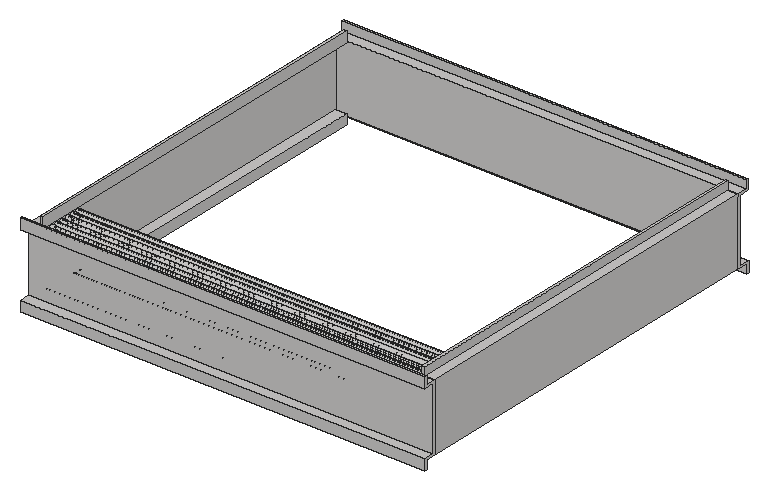
Revit family "Damper_Volume_Control-Carnes-Galvanized-Airfoil_Blade-FADA", category Duct Accessories, host Face, Revit 2012
Parameters (values of type "FADA")
  ecoScorecard_data = ""
  ecoScorecard Product Page = "http://ecoscorecard.com/"
  Width = 24"
  Warranty URL = "http://www.carnes.com/GeneralCatalogs/termcond.pdf"
  URL = "http://www.carnes.com/index.html"
  Subcategory = "Louvers and Dampers"  # constant formula
  Spec Sheet URL = "http://www.carnes.com/Louvers/pdf/17157.pdf"
  Product Page URL = "http://www.carnes.com/Louvers/FD.htm"
  Product Line = "Galvanized Airfoil Blade Control Damper with Optional Insulated Blade"  # constant formula
  Offset = 1"
  Model = "FADA"  # constant formula
  Minimum Size = "8\"W x 6\"H"
  Maximum Vertical Size = "48\"W x 60\"H (Single Section), Multi-section unlimited"
  Maximum System Velocity = 2000 FPM  # constant formula
  Maximum Size Note = ""
  Maximum Horinzontal Size = "48\"W x 60\"H (Single Section, Multi-section unlimited"
  Manufacturer Phone = "608-845-6411"  # constant formula
  Manufacturer Fax = "608-845-6470"  # constant formula
  Manufacturer Email = "mailto:carnes@carnes.com"
  Manufacturer Address = "448 S. Main St., P. O. Box 930040, Verona, WI 53593-0040"  # constant formula
  Manufacturer = "CARNES COMPANY"  # constant formula
  Installation and Maintenance URL = "http://www.carnes.com/FireDampers/pdf/40001.pdf"
  Height = 24"
  Free Area Note = "See Spec Sheet URL"  # constant formula
  Frame Material = Metal - Carnes - Steel - Galvanized
  Fire Closure Device = ""
  Duct Connector 2 = "Duct Connection 2"  # constant formula
  Duct Connector 1 = "Duct Connection 1"  # constant formula
  Description = "Galvanized Airfoil Blade Control Damper with Optional Insulated Blade"  # constant formula
  Depth = 5"
  Default Elevation = 0"
  Cost Info = "mailto:carnes@carnes.com"
  Catalog URL = "http://www.carnes.com/Louvers/pdf/f85-97.pdf"
  Blades Length = Actual Width - 1 1/2"  # 22 1/2"
  Blade Material = Metal - Carnes - Steel - Galvanized
  Assembly Code = "B2010300"
  Actual Width = if(Width < 6", 6", if(Width > 72", 72", Width))  # 24"
  Actual Height = if(Height < 6", 6", if(Height > 72", 72", Height))  # 24"
  95 CSI = "10200"  # constant formula
  04 CSI = "08 91 00"  # constant formula
Reference planes (in)
  plane 1 "Center (Front/Back)": y = 0
  plane 2: z = 0
  plane 3 "Center (Left/Right)": x = 0
  plane 4: x = -12
  plane 5: x = 12
  plane 6: y = 12
  plane 7: y = -12
  plane 8: y = -10.9375
  plane 9: x = -11.20993
  plane 10: x = 11.20993
  plane 11: z = -1.5
  plane 12: y = -11.47734
  plane 13: x = 10.20993
  plane 14: z = -3.375
  plane 15: z = -1
  plane 16: y = -9.48917
  plane 17: z = 0.09375
  plane 18: z = 3.5
  plane 19: z = -2.09375
  plane 20: z = -5.5
Forms (in)
  Extrusion 1, void
    sketch origin (0, 0, 0) x (1, 0, 0) y (0, 1, 0)
      loop
        line (12, -12) -> (12, 12) -> (-12, 12) -> (-12, -12) -> (12, -12)
    from 0 to -32.56442
  Sweep 2, solid, material "Metal - Carnes - Steel - Galvanized" <- "Frame Material", detail levels medium+fine
    path origin (0, -21.84066, -1) x (-1, 0, 0) y (0, -1, 0)
      loop
        line (-12, -33.09066) -> (-12, -10.59066)
    profile "Profile : Profile" origin (12, 0, -1) x (1, 0, 0) y (0, 0, 1)
      loop
        line (-0.625, 2.5) -> (-0.75, 2.5) -> (-0.75, 1.875) -> (-0.125, 1.875) -> (-0.125, -1.875) -> (-0.75, -1.875) -> (-0.75, -2.5) -> (-0.625, -2.5) -> (-0.625, -2) -> (0, -2) -> (0, 2) -> (-0.625, 2) -> (-0.625, 2.5)
  Sweep 3, solid, material "Metal - Carnes - Steel - Galvanized" <- "Frame Material", detail levels coarse
    path origin (0, -21.84066, -1) x (-1, 0, 0) y (0, -1, 0)
      loop
        line (0, -9.84066) -> (0, -33.84066)
    profile origin (0, 0, -1) x (-1, 0, 0) y (0, 0, 1)
      loop
        line (-12, 2.5) -> (-12, -2.5) -> (12, -2.5) -> (12, 2.5) -> (-12, 2.5)
  Sweep 4, solid, material "Metal - Carnes - Steel - Galvanized" <- "Frame Material", detail levels medium+fine
    path origin (0, -21.84066, -1) x (-1, 0, 0) y (0, -1, 0)
      loop
        line (12, -33.09066) -> (12, -10.59066)
    profile "Profile : Profile" origin (-12, 0, -1) x (1, 0, 0) y (0, 0, 1)
      loop
        line (0.625, 2.5) -> (0.625, 2) -> (0, 2) -> (0, -2) -> (0.625, -2) -> (0.625, -2.5) -> (0.75, -2.5) -> (0.75, -1.875) -> (0.125, -1.875) -> (0.125, 1.875) -> (0.75, 1.875) -> (0.75, 2.5) -> (0.625, 2.5)
  Sweep 5, solid, material "Metal - Carnes - Steel - Galvanized" <- "Frame Material", detail levels medium+fine
    path origin (0, -21.84066, -1) x (-1, 0, 0) y (0, -1, 0)
      loop
        line (12, -9.84066) -> (-12, -9.84066)
    profile "Profile : Profile" origin (0, -12, -1) x (0, 1, 0) y (0, 0, 1)
      loop
        line (0.125, 2.5) -> (0, 2.5) -> (0, 1.875) -> (0.625, 1.875) -> (0.625, -1.875) -> (0, -1.875) -> (0, -2.5) -> (0.125, -2.5) -> (0.125, -2) -> (0.75, -2) -> (0.75, 2) -> (0.125, 2) -> (0.125, 2.5)
  Sweep 6, solid, material "Metal - Carnes - Steel - Galvanized" <- "Frame Material", detail levels medium+fine
    path origin (0, 20.34066, -1) x (1, 0, 0) y (0, 1, 0)
      loop
        line (-12, -8.34066) -> (12, -8.34066)
    profile "Profile : Profile" origin (0, 12, -1) x (0, 1, 0) y (0, 0, 1)
      loop
        line (-0.125, 2.5) -> (-0.125, 2) -> (-0.75, 2) -> (-0.75, -2) -> (-0.125, -2) -> (-0.125, -2.5) -> (0, -2.5) -> (0, -1.875) -> (-0.625, -1.875) -> (-0.625, 1.875) -> (0, 1.875) -> (0, 2.5) -> (-0.125, 2.5)
Lines and regions (in)
  symbolic lines, style "Damper"
    curve 1: line (12, 12, -1) -> (12, -12, -1)
    curve 2: line (-12, 12, -1) -> (12, 12, -1)
    curve 3: line (-12, -12, -1) -> (-12, 12, -1)
    curve 4: line (12, -12, -1) -> (-12, -12, -1)
  symbolic lines, style "Damper", detail levels medium+fine
    curve 5: line (11.25, 11, -1) -> (-11.25, 11, -1)
    curve 6: line (-11.25, 11, -1) -> (-11.25, -11.25, -1)
    curve 7: line (-12, -11.25, -1) -> (12, -11.25, -1)
    curve 8: line (11.25, -11.25, -1) -> (11.25, 11, -1)
Dimensions and locks (in)
  equal spacing: plane 7, plane 1 "Center (Front/Back)", plane 6
  equal spacing: plane 4, plane 3 "Center (Left/Right)", plane 5
  "Actual Width": plane 4 to plane 5
  "Actual Height": plane 6 to plane 7
  locked: plane 7 to plane 8 at 1.0625
  locked: plane 4 to plane 9 at 0.79007
  locked: plane 10 to plane 5 at 0.79007
  locked: plane 12 to plane 7 at 0.52266
  locked: plane 13 to plane 10 at 1
  locked: plane 14 to plane 15 at 2.375
  locked: plane 16 to plane 8 at 1.44833
  "Offset": level to plane 15
  locked: plane 17 to plane 18 at 3.40625
  locked: plane 15 to plane 17 at 1.09375
  locked: plane 15 to plane 19 at 1.09375
  locked: plane 19 to plane 20 at 3.40625
  equal spacing: Sweep 3 sketch curve, plane 3 "Center (Left/Right)", Sweep 3 sketch curve
  "Actual Width": Sweep 3 sketch curve to Sweep 3 sketch curve
  aligned and locked: plane 2 to host face
  aligned and locked: level to host face
  aligned and locked: plane 5 to Extrusion 1 sketch curve
  aligned and locked: plane 7 to Extrusion 1 sketch curve
  aligned and locked: Extrusion 1 sketch curve to plane 4
  aligned and locked: Extrusion 1 sketch curve to plane 6
  aligned and locked: Extrusion 1 to level
  aligned: nested 1 to plane 15  (x3)
  aligned: plane 12 to nested 1
  aligned and locked: plane 6 to Sweep 3 sketch curve
  aligned and locked: plane 7 to Sweep 3 sketch curve
  aligned and locked: plane 3 "Center (Left/Right)" to Sweep 3 sketch curve
  aligned and locked: curve 1 to Sweep 2
  aligned: curve 8 to Sweep 2
  aligned: nested 1 to Sweep 2
  aligned and locked: plane 4 to Sweep 4 sketch curve
  aligned and locked: Sweep 5 sketch curve to plane 7
  aligned and locked: plane 4 to Sweep 5 sketch curve
  aligned and locked: plane 5 to Sweep 5 sketch curve
  aligned and locked: Sweep 5 to Sweep 4 sketch curve
  aligned and locked: nested 1 to Sweep 5
  aligned and locked: Sweep 2 sketch curve to Sweep 5
  aligned and locked: Sweep 6 sketch curve to plane 6
  aligned and locked: plane 5 to Sweep 6 sketch curve
  aligned and locked: plane 4 to Sweep 6 sketch curve
  aligned and locked: Sweep 6 to Sweep 2 sketch curve
  aligned and locked: Sweep 4 sketch curve to Sweep 6
  aligned and locked: curve 6 to Sweep 4
  aligned and locked: curve 7 to Sweep 5
  aligned and locked: curve 8 to Sweep 2
  aligned and locked: nested 1 to Sweep 4
  aligned and locked: Sweep 3 sketch curve to Sweep 5  (x2)
  aligned and locked: nested 1 to plane 15
  aligned and locked: nested 2 to plane 15
  aligned and locked: nested 2 to nested 1
  aligned and locked: nested 3 to nested 2
  aligned and locked: nested 3 to plane 15
  aligned and locked: nested 4 to nested 3
  aligned and locked: nested 4 to plane 15
  aligned and locked: nested 5 to nested 4
  aligned and locked: nested 5 to plane 15
  aligned and locked: nested 5 to nested 6
  aligned and locked: nested 6 to plane 15
  aligned and locked: nested 7 to nested 6
  aligned and locked: nested 7 to plane 15
Automatic sketch dimensions
  host sketch curve to host sketch curve = 96"  (x2)
  Sweep 2 sketch curve to plane 5 = 0"
  curve 3 to plane 4 = 0"
  curve 3 to plane 6 = 0"
  plane 7 to curve 1 = 0"
  curve 6 to plane 6 = 1"
Nested families (in)
  nested 1: "Blade" at (0, -11.25, -2.90552), type "Blades", detail levels fine
  nested 2: "Blade" at (0, -10.85234, -2.90552), type "Blades", detail levels fine
  nested 3: "Blade" at (0, -10.45467, -2.90552), type "Blades", detail levels fine
  nested 4: "Blade" at (0, -10.05701, -2.90552), type "Blades", detail levels fine
  nested 5: "Blade" at (0, -9.65935, -2.90552), type "Blades", detail levels fine
  nested 6: "Blade" at (0, -9.26169, -2.90552), type "Blades", detail levels fine
  nested 7: "Blade" at (0, -8.86402, -2.90552), type "Blades", detail levels fine
Connectors (in)
  hvac at (0, 0, 1.5), driven by "Actual Height", driven by "Actual Width", driven by "Duct Connector 1"
    settings: on Sweep 3, index 1, duct flow 0 CFM, flow factor 0, pres drop 0.00 in-wg, loss coef 0, conn angle 0.00°, conn width 24", conn height 24", conn radius 12", duct sys type 1, conn prof type 1, flow config 0, flow direction 0, loss method 0, conn ref index 2, conn util no, is conn primary yes, conn desc "Duct Connection 1"
  hvac at (0, 0, -3.5), driven by "Actual Height", driven by "Actual Width", driven by "Duct Connector 2"
    settings: on Sweep 3, index 2, duct flow 0 CFM, flow factor 0, pres drop 0.00 in-wg, loss coef 0, conn angle 0.00°, conn width 24", conn height 24", conn radius 12", duct sys type 1, conn prof type 1, flow config 0, flow direction 0, loss method 0, conn ref index 1, conn util no, is conn primary no, conn desc "Duct Connection 2"
Definition of nested family "Blade"
  Parameters (values of type "Blades")
    Width = 22 1/2"
    Unit = Metal - Carnes - Steel - Galvanized
    Assembly Code = ""
  Reference planes (in)
    plane 1 "Center (Front/Back)": y = 0
    plane 2: z = 0
    plane 3 "Center (Left/Right)": x = 0
    plane 4: x = -11.25
    plane 5: x = 11.25
    plane 6: z = 3.75
    plane 7: z = 0.12354
    plane 8: y = 0.39766
    plane 9: z = 3.6875
    plane 10: z = 1.90552
  Forms (in)
    Extrusion 1, solid, material "Metal - Carnes - Steel - Galvanized" <- "Unit"
      sketch origin (0, 0, 0.35938) x (0, 1, 0) y (0, 0, 1)
        loop
          arc (0.23008, 2.93293) -> (0.19883, 3.32812) -> (0.16758, 2.93293) r 0.19883
          line (0.16758, 2.93293) -> (0.16758, 0.15936)
          arc (0.16758, 0.15936) -> (0.19883, -0.23583) -> (0.23008, 0.15936) r 0.19883
          line (0.23008, 0.15936) -> (0.23008, 2.93293)
        loop
          circle (0.19883, -0.037) r 0.13633
        loop
          circle (0.19883, 3.12929) r 0.13633
      from -11.25 to 11.25
  Lines and regions (in)
    symbolic lines, style "Damper"
      curve 1: line (-11.25, 0.39763, 0) -> (11.25, 0.39763, 0)
      curve 2: line (11.25, 0, 0) -> (-11.25, 0, 0)
      curve 3: line (-11.25, 0, 0) -> (-11.25, 0.39763, 0)
      curve 4: line (11.25, 0, 0) -> (11.25, 0.39763, 0)
  Dimensions and locks (in)
    equal spacing: plane 4, plane 3 "Center (Left/Right)", plane 5
    "Width": plane 4 to plane 5
    plane 6 to level = 3 3/4"  (x2)
    locked: plane 6 to plane 9 at 0.0625
    aligned and locked: level to plane 2
    aligned and locked: plane 4 to Extrusion 1
    aligned and locked: plane 5 to Extrusion 1
    aligned and locked: curve 2 to plane 1 "Center (Front/Back)"
    aligned and locked: curve 3 to plane 4
    aligned and locked: plane 5 to curve 4
  Automatic sketch dimensions
    plane 8 to curve 3 = 0.00003"
    Extrusion 1 sketch curve to Extrusion 1 sketch curve = 0"  (x5)
    Extrusion 1 sketch curve to plane 1 "Center (Front/Back)" = 0.16758"
    Extrusion 1 sketch curve to Extrusion 1 sketch curve = 1/32"
    Extrusion 1 sketch curve to plane 1 "Center (Front/Back)" = 0.19883"
    Extrusion 1 sketch curve to plane 7 = 0.19883"
    Extrusion 1 sketch curve to Extrusion 1 sketch curve = 0.19636"  (x2)
    Extrusion 1 sketch curve to plane 9 = 0.39519"
    radius of Extrusion 1 sketch curve = 0.13633"  (x2)
